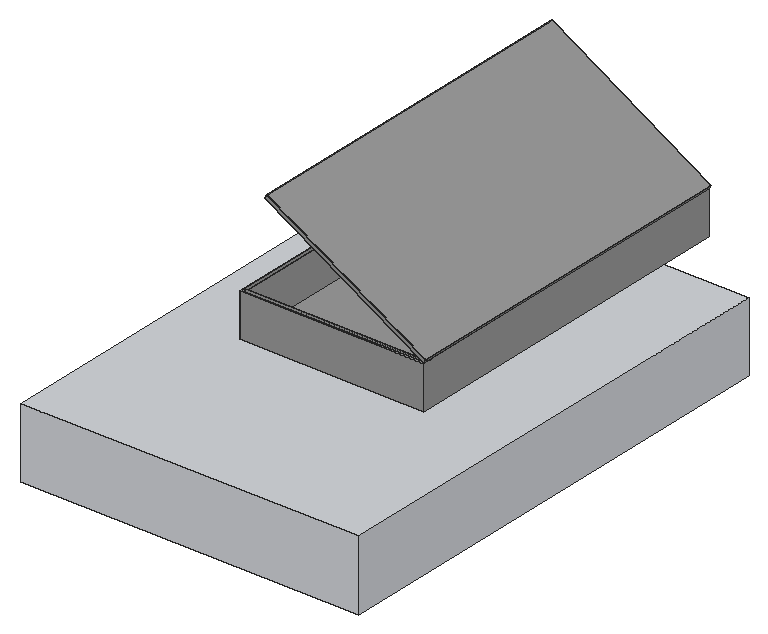
Revit family "Hager-Univers-IP44-D205-H1550-Cl.I-Encl-CH-it", category Equipement électrique, Revit 2020
Family settings
  Hôte = Face
  Configuration du panneau = Deux colonnes, circuits au sein
  Cote de connecteur circulaire = Utiliser le diamètre
  Type d'élément = Tableau de raccordement
  Couper avec des vides une fois chargée = Non
  Partagée = Non
  Point de calcul de pièce = Non
Parameters (values of type "A parete IP44 L800 A1550 P205  - FP03TN2")
  Width Control [instance] = if([EF000008 - Larghezza] > Min Width, [EF000008 - Larghezza], Min Width)  # 800 mm
  Commentaires du type = [HG000003 - Gamma]  # "Univers"
  Thickness Door [instance] = if([EF009171 - spessore materiale porta/coperchio] > 3 mm, 3 mm, [EF009171 - spessore materiale porta/coperchio])  # 1 mm
  Seal Frame Offset [instance] = 17 mm  # constant formula
  Plinth Visibility [instance] = [HG000027 - Altezza dello zoccolo] > 0 mm  # no
  Model = ""
  Min Width [instance] = 100 mm  # constant formula
  Min Height [instance] = 100 mm  # constant formula
  Min Depth [instance] = (2 * [EF009170 - spessore materiale scatola]) + 1 mm  # 3 mm
  Internal Frame Depth [instance] = (Door System Depth * 0.5)  # 9 mm
  Height Control [instance] = if([EF000040 - Altezza] > Min Height, [EF000040 - Altezza], Min Height)  # 1550 mm
  HG000027 - Altezza dello zoccolo = 0 mm
  HG000026 - A pavimento = no
  HG000024 - Altezza della sezione inferiore = 800 mm
  HG000023 - Custodia a doppia sezione = no
  HG000016 - Visibilità delle porte nella vista 3D [instance] = yes
  HG000015 - Visibilità attraverso la porta [instance] = no
  HG000014 - Porta destra [instance] = yes
  HG000013 - Porta sinistra [instance] = not([HG000014 - Porta destra])  # no
  HG000012 - Angolo di apertura della porta [instance] = 30.00°
  HG000010 - Porte asimmetriche = no
  HG000009 - Porta doppia a battente = no
  HG000006 - Ad incasso = no
  HG000004 - Codice produttore = "FP03TN2"
  HG000003 - Gamma = "Univers"
  HG000002 - Con porta = yes
  Frame Offset Bottom [instance] = 10 mm  # constant formula
  Frame Offset [instance] = 15 mm  # constant formula
  EF015940 - Coprire con rilascio di sovrapressione = no
  EF011959 - tipo di protezione (NEMA) = ""
  EF009554 - numero delle aperture per la piastra della flangia = 6
  Fabricant = "Hager"  # constant formula
  EF009212 - esecuzione coperchio = "EV000116 - chiuso"
  EF009171 - spessore materiale porta/coperchio = 1 mm
  EF009170 - spessore materiale scatola = 1 mm
  EF008873 - corrente nominale (In) = 250 A
  EF007800 - adatto per parafulmine = no
  EF006306 - con serratura = no
  EF006244 - coperchio/porta trasparente = no
  EF005474 - grado di protezione (IP) = "EV006418 - IP44"
  EF004464 - tipo di porta = "EV002646 - singolo"
  EF004427 - numero di moduli = 360
  EF004293 - resistenza agli urti = "EV006815 - IK09"
  EF003532 - adatto per uso esterno = no
  EF002950 - Numero moduli DIN = 36
  EF001613 - Integrità del circuito = "EV000494 - senza"
  EF001596 - Attacco Lampada = "EV000179 - acciaio"
  EF001131 - profondità interna = 205 mm
  EF001088 - possibilità di applicazione = yes
  EF000437 - numero di ingressi per conduttori = 6
  EF000339 - tipo di copertura = "EV001012 - coperchio"
  EF000266 - numero di file = 10
  EF000218 - profondità di incasso = 205 mm
  EF000118 - con piastra di montaggio = no
  EF000116 - numero RAL = "9010"
  EF000049 - profondità = 205 mm
  EF000040 - Altezza = 1550 mm
  EF000008 - Larghezza = 800 mm
  EF000007 - colore = "EV000202 - bianco"
  EF000003 - Tipo di montaggio = "EV000384 - A parete"
  Door System Leaf Tolerance [instance] = 1.5 mm  # constant formula
  Door System Depth [instance] = 18 mm  # constant formula
  Door Height [instance] = Height Control - [HG000027 - Altezza dello zoccolo]  # 1550 mm
  Depth Control [instance] = if([EF000049 - profondità] > Min Depth, [EF000049 - profondità], Min Depth)  # 205 mm
  Default Elevation = 0 mm
  Connector Offset [instance] = Height Control / 2  # 775 mm
  Bottom Top Plate Trim [instance] = 1.5 mm  # constant formula
  Plinth height Ctrl [instance] = if([HG000027 - Altezza dello zoccolo] > 0 mm, [HG000027 - Altezza dello zoccolo], 12 mm)  # 12 mm
Types (5, lengths in mm): name | Width Control | HG000010 - Porte asimmetriche | HG000009 - Porta doppia a battente | HG000004 - Codice produttore | EF009554 - numero delle aperture per la piastra della flangia | EF008873 - corrente nominale (In) | EF004464 - tipo di porta | EF004427 - numero di moduli | EF002950 - Numero moduli DIN | EF000437 - numero di ingressi per conduttori | EF000008 - Larghezza
  A parete IP44 L1050 A1550 P205  - FP04TN2 | 1050 | no | yes | "FP04TN2" | 8 | 400 A | "EV003602 - doppio" | 480 | 48 | 8 | 1050
  A parete IP44 L1300 A1550 P205  - FP05TN2 | 1300 | yes | yes | "FP05TN2" | 10 | 400 A | "EV003602 - doppio" | 600 | 60 | 10 | 1300
  A parete IP44 L300 A1550 P205  - FP01TN2 | 300 | no | no | "FP01TN2" | 2 | 250 A | "EV002646 - singolo" | 120 | 12 | 2 | 300
  A parete IP44 L550 A1550 P205  - FP02TN2 | 550 | no | no | "FP02TN2" | 4 | 250 A | "EV002646 - singolo" | 240 | 24 | 4 | 550
  A parete IP44 L800 A1550 P205  - FP03TN2 | 800 | no | no | "FP03TN2" | 6 | 250 A | "EV002646 - singolo" | 360 | 36 | 6 | 800
Reference planes
  plane 1 "Center (Front/Back)": y = 0
  plane 2: z = 0
  plane 3 "Center (Left/Right)": x = 0
  plane 4: z = 205
  plane 5: y = 1
  plane 6: y = 775
  plane 7: y = 0
  plane 8: y = 1550
  plane 9: z = 0
  plane 10: x = -385
  plane 11: x = 385
  plane 12: x = 384
  plane 13: x = -384
  plane 14: y = 1549
  plane 15: x = -383
  plane 16: x = -400
  plane 17: x = 383
  plane 18: x = 400
  plane 19: x = 399
  plane 20: x = -399
  plane 21: y = 11
  plane 22: y = 1550
  plane 23: y = 1534
  plane 24: z = 187
  plane 25: z = 1
  plane 26: z = 186
  plane 27: z = 204
Forms (mm)
  Extrusion 1, solid
    sketch origin (0, 0, 0) x (1, 0, 0) y (0, 1, 0)
      loop
        line (-702.964, 1305) -> (-702.964, -811.445) -> (766.763, -811.445) -> (766.763, 1305) -> (-702.964, 1305)
    from 0 to -304.8
  Extrusion 2, solid, material "Hager_Steel_RAL7035_Light_Grey", visible <- "Plinth Visibility", detail levels medium+fine
    sketch origin (0, 0, 0) x (1, 0, 0) y (0, 1, 0)
      loop
        line (-400, 0) -> (400, 0) -> (400, 12) -> (-400, 12) -> (-400, 0)
    from 0 to 187
  Extrusion 3, solid, material "Hager_Steel_RAL7035_Light_Grey", detail levels medium+fine
    sketch origin (0, 0, 0) x (1, 0, 0) y (0, 1, 0)
      loop
        line (-400, 0) -> (400, 0) -> (400, 1550) -> (-400, 1550) -> (-400, 0)
    from 0 to 187
  Extrusion 4, void
    sketch origin (0, 0, 0) x (1, 0, 0) y (0, 1, 0)
      loop
        line (-399, 1) -> (399, 1) -> (399, 1549) -> (-399, 1549) -> (-399, 1)
    from 1 to 186
  Extrusion 5, void
    sketch origin (-381.607, -4572, 187) x (0, -1, 0) y (-1, 0, 0)
      loop
        line (-4583, 2.393) -> (-6106, 2.393) -> (-6106, -765.607) -> (-4583, -765.607) -> (-4583, 2.393)
    from 0 to 1 <- "EF009170 - spessore materiale scatola"
  Extrusion 6, solid, material "Hager_Steel_RAL7035_Light_Grey", detail levels fine
    sketch origin (0, 0, 187) x (1, 0, 0) y (0, 1, 0)
      loop
        line (-384, 1534) -> (-384, 11) -> (384, 11) -> (384, 1534) -> (-384, 1534)
      loop
        line (-385, 10) -> (385, 10) -> (385, 1535) -> (-385, 1535) -> (-385, 10)
    from 0 to 9 <- "Internal Frame Depth"
  Extrusion 7, solid, material "Hager_Steel_RAL7035_Light_Grey", detail levels coarse
    sketch origin (0, 0, 0) x (1, 0, 0) y (0, 1, 0)
      loop
        line (-400, 0) -> (400, 0) -> (400, 1550) -> (-400, 1550) -> (-400, 0)
    from 0 to 205
  Sweep 8, void
    path in 3D
      loop
        line (-400, 12, 0) -> (400, 12, 0) -> (400, 12, 187) -> (-400, 12, 187) -> (-400, 12, 0)
    profile origin (-400, 12, 93.5) x (-1, 0, 0) y (0, -1, 0)
      loop
        line (0, 0) -> (0, 1.5) -> (-1.5, 1.5)
        arc (-1.5, 1.5) -> (-1.061, 0.439) -> (0, 0) r 1.5
Cuts and joins
  Extrusion 4, Extrusion 5 cuts Extrusion 3
  Sweep 8 cuts Extrusion 2
Lines and regions (mm)
  Masking region 1
    outline origin (0, 0, 0) x (1, 0, 0) y (0, 0, 1)
      loop
        line (-400, 205) -> (-400, 0) -> (400, 0) -> (400, 205) -> (-400, 205)
  Masking region 2, detail levels medium+fine
    outline origin (0, 140, 0) x (0, 1, 0) y (0, 0, 1)
      loop
        line (-140, 0) -> (1410, 0) -> (1410, 187) -> (-140, 187) -> (-140, 0)
  Masking region 3, not visible, detail levels medium+fine
    outline origin (0, 297.922, 0) x (0, 1, 0) y (0, 0, 1)
      loop
        line (488.578, 0) -> (528.578, 0) -> (528.578, 194)
        arc (528.578, 194) -> (525.649, 201.071) -> (518.578, 204) r 10
        line (518.578, 204) -> (488.578, 204) -> (488.578, 0)
  Masking region 4, detail levels coarse
    outline origin (0, 0, 180) x (0, 1, 0) y (0, 0, 1)
      loop
        line (0, -180) -> (1550, -180) -> (1550, 25) -> (0, 25) -> (0, -180)
  Masking region 5, visible <- "Plinth Visibility", detail levels medium+fine
    outline origin (0, 52.24, 12.345) x (0, 0, -1) y (0, 1, 0)
      loop
        line (10.845, -40.24) -> (-173.155, -40.24)
        arc (-173.155, -40.24) -> (-173.594, -41.301) -> (-174.655, -41.74) r 1.5
        line (-174.655, -41.74) -> (-174.655, -52.24) -> (12.345, -52.24) -> (12.345, -41.74)
        arc (12.345, -41.74) -> (11.285, -41.301) -> (10.845, -40.24) r 1.5
  Masking region 6, detail levels medium+fine
    outline origin (-381.607, -4572, 187) x (-1, 0, 0) y (0, -1, 0)
      loop
        line (18.393, -6122) -> (18.393, -4572) -> (-781.607, -4572) -> (-781.607, -6122) -> (18.393, -6122)
  Masking region 7, visible <- "Plinth Visibility", detail levels medium+fine
    outline origin (-381.607, -4727, 187) x (-1, 0, 0) y (0, -1, 0)
      loop
        arc (16.893, -4739) -> (17.332, -4737.939) -> (18.393, -4737.5) r 1.5
        line (18.393, -4737.5) -> (18.393, -4727) -> (-781.607, -4727) -> (-781.607, -4737.5)
        arc (-781.607, -4737.5) -> (-780.546, -4737.939) -> (-780.107, -4739) r 1.5
        line (-780.107, -4739) -> (16.893, -4739)
  Masking region 8, detail levels coarse
    outline origin (-442.548, -4669.526, 187) x (-1, 0, 0) y (0, -1, 0)
      loop
        line (-42.548, -6219.526) -> (-42.548, -4669.526) -> (-842.548, -4669.526) -> (-842.548, -6219.526) -> (-42.548, -6219.526)
  sketch lines
    curve 1: line (-400, 12, 187) -> (-400, 12, 0)
    curve 2: line (400, 12, 187) -> (-400, 12, 187)
    curve 3: line (400, 12, 187) -> (400, 12, 0)
    curve 4: line (-400, 12, 0) -> (400, 12, 0)
Dimensions and locks
  "Depth Control": plane 4 to Extrusion 1
  "HG000027 - Altezza dello zoccolo": plane 1 "Center (Front/Back)" to plane 7
  "EF009170 - spessore materiale scatola": plane 5 to plane 7
  locked: connector elem to plane 3 "Center (Left/Right)"
  equal spacing: plane 8, plane 6, plane 7
  locked: connector elem to plane 6
  "EF009170 - spessore materiale scatola": plane 8 to plane 14
  "EF009170 - spessore materiale scatola": plane 10 to plane 13
  "EF009170 - spessore materiale scatola": plane 12 to plane 11
  "Frame Offset": plane 20 to plane 13
  "Frame Offset": plane 12 to plane 19
  "EF009170 - spessore materiale scatola": plane 16 to plane 20
  "EF009170 - spessore materiale scatola": plane 19 to plane 18
  "Seal Frame Offset": plane 16 to plane 15
  "Seal Frame Offset": plane 17 to plane 18
  "Frame Offset Bottom": plane 21 to plane 5
  "Frame Offset": plane 14 to plane 23
  equal spacing: plane 16, plane 3 "Center (Left/Right)", plane 18
  "Width Control": plane 16 to plane 18
  "EF009170 - spessore materiale scatola": plane 4 to plane 27
  "EF009170 - spessore materiale scatola": plane 24 to plane 26
  "EF009170 - spessore materiale scatola": plane 25 to level
  "Door System Depth": plane 4 to plane 24
  "Height Control": plane 1 "Center (Front/Back)" to Extrusion 7 sketch curve
  "Height Control": Masking region 4 sketch curve to plane 1 "Center (Front/Back)"
  "Height Control": plane 1 "Center (Front/Back)" to plane 22
  "Bottom Top Plate Trim": profile plane to Sweep 8 sketch curve
  "Bottom Top Plate Trim": Sweep 8 sketch curve to profile plane
  "Plinth height Ctrl": plane 1 "Center (Front/Back)" to Extrusion 2 sketch curve
  "Plinth height Ctrl": Masking region 5 sketch curve to plane 1 "Center (Front/Back)"
  "Plinth height Ctrl": plane 1 "Center (Front/Back)" to Masking region 7 sketch curve
  "Thickness Door": Extrusion 6 sketch curve to Extrusion 6 sketch curve  (x3)
  "Thickness Door": cut or joined group of Extrusion 3, Extrusion 4, Extrusion 5 to Extrusion 6 sketch curve
  radius of Masking region 3 sketch curve = 10 mm
  "Bottom Top Plate Trim": radius of Masking region 5 sketch curve  (x2)
  "Bottom Top Plate Trim": radius of Sweep 8 sketch curve
  "Bottom Top Plate Trim": radius of Masking region 7 sketch curve  (x2)
  aligned and locked: plane 2 to Extrusion 1
  aligned and locked: level to Extrusion 1
  aligned and locked: level to Masking region 1 sketch curve
  aligned and locked: Masking region 1 sketch curve to plane 18
  aligned and locked: Masking region 1 sketch curve to plane 16
  aligned and locked: plane 7 to Masking region 2 sketch curve
  aligned and locked: level to Masking region 3 sketch curve
  aligned and locked: Masking region 3 sketch curve to plane 27
  aligned and locked: level to Masking region 2 sketch curve
  aligned and locked: plane 1 "Center (Front/Back)" to Extrusion 2 sketch curve
  aligned and locked: Extrusion 3 sketch curve to plane 7
  aligned and locked: plane 16 to Extrusion 3 sketch curve
  aligned and locked: plane 18 to Extrusion 3 sketch curve
  aligned and locked: plane 20 to Extrusion 4 sketch curve
  aligned and locked: plane 19 to Extrusion 4 sketch curve
  aligned and locked: Extrusion 4 sketch curve to plane 5
  aligned and locked: Extrusion 4 to plane 25
  aligned and locked: plane 26 to Extrusion 4
  aligned and locked: plane 24 to Extrusion 3
  aligned and locked: Extrusion 5 sketch curve to plane 21
  aligned and locked: Extrusion 5 sketch curve to plane 13
  aligned and locked: Extrusion 5 sketch curve to plane 12
  aligned and locked: plane 18 to Extrusion 7 sketch curve
  aligned and locked: plane 1 "Center (Front/Back)" to Extrusion 7 sketch curve
  aligned and locked: plane 16 to Extrusion 7 sketch curve
  aligned and locked: plane 4 to Extrusion 7
  aligned and locked: Extrusion 7 to level
  aligned and locked: level to Masking region 4 sketch curve
  aligned and locked: Masking region 4 sketch curve to plane 1 "Center (Front/Back)"
  aligned and locked: Masking region 4 sketch curve to plane 4
  aligned and locked: nested 1 to level
  aligned and locked: nested 1 to plane 16
  aligned and locked: plane 8 to Extrusion 3 sketch curve
  aligned and locked: plane 23 to Extrusion 5 sketch curve
  aligned and locked: plane 14 to Extrusion 4 sketch curve
  aligned and locked: Masking region 2 sketch curve to plane 8
  aligned and locked: level to Masking region 5 sketch curve
  aligned and locked: plane 16 to Extrusion 2 sketch curve
  aligned and locked: plane 18 to Extrusion 2 sketch curve
  aligned and locked: Masking region 5 sketch curve to plane 24
  aligned and locked: Masking region 2 sketch curve to plane 24
  aligned and locked: plane 24 to Extrusion 2
  aligned and locked: profile plane to Sweep 8 sketch curve  (x2)
  aligned and locked: Masking region 6 sketch curve to plane 18
  aligned and locked: Masking region 6 sketch curve to plane 22
  aligned and locked: Masking region 6 sketch curve to plane 16
  aligned and locked: plane 8 to plane 22
  aligned and locked: Masking region 6 sketch curve to plane 7
  aligned and locked: Masking region 7 sketch curve to plane 16
  aligned and locked: Masking region 7 sketch curve to plane 1 "Center (Front/Back)"
  aligned and locked: Masking region 7 sketch curve to plane 18
  aligned and locked: Masking region 8 sketch curve to plane 1 "Center (Front/Back)"
  aligned and locked: Masking region 8 sketch curve to plane 18
  aligned and locked: Masking region 8 sketch curve to plane 22
  aligned and locked: Masking region 8 sketch curve to plane 16
  aligned and locked: nested 2 to plane 7
  aligned and locked: plane 3 "Center (Left/Right)" to nested 2
  aligned and locked: nested 2 to plane 24
  aligned and locked: Extrusion 6 sketch curve to cut or joined group of Extrusion 3, Extrusion 4, Extrusion 5  (x4)
Automatic sketch dimensions
  Extrusion 1 sketch curve to Extrusion 1 sketch curve = 1469.727 mm
  Extrusion 1 sketch curve to Extrusion 1 sketch curve = 2116.445 mm
  Masking region 1 sketch curve to plane 4 = 0 mm
  plane 6 to Masking region 3 sketch curve = 11.5 mm
  Masking region 3 sketch curve to Masking region 3 sketch curve = 30 mm
  Masking region 5 sketch curve to plane 1 "Center (Front/Back)" = 0 mm
Nested families
  nested 1: "Hager_Enclosure_Symbol" at (-400, 0, 0) x (1, 0, 0) z (0, -1, 0), Height <- "Depth Control", Width <- "Width Control", type "Hager_Enclosure_Symbol"
    with Width_Ctrl 800 mm, Width 800 mm, Height_Ctrl 205 mm, Height 205 mm, A_Width_Int 13.453 mm, A_Width 161.438 mm, A_Height_Ctrl 179.375 mm, A_Height 179.375 mm
  nested 2: "EC000058_Univers_Door" at (0, 0, 187) x (1, 0, 0) z (0, 1, 0), Leaf_Tolerance <- "Door System Leaf Tolerance", Angle <- "HG000012 - Angolo di apertura della porta", Door_Depth <- "Door System Depth", Door_Left <- "HG000013 - Porta sinistra", Transparent <- "EF006244 - coperchio/porta trasparente", Assymetrical <- "HG000010 - Porte asimmetriche", Width <- "Width Control", Clearance <- "HG000015 - Visibilità attraverso la porta", Double <- "HG000009 - Porta doppia a battente", 3d_Door <- "HG000016 - Visibilità delle porte nella vista 3D", Lock_Visibility <- "EF006306 - con serratura", Width_Ctrl <- "Width Control", Door_Right <- "HG000014 - Porta destra", Door <- "HG000002 - Con porta", Height <- "Door Height", Thickness <- "Thickness Door", type "EC000058_Univers_Door", detail levels medium+fine
    with min_wh 3 mm, Width_Ctrl 800 mm, Width 800 mm, Transparent no, Thickness 1 mm, Seal_Material Hager_Rubber, Lock_Visibility no, Lock_Material Hager_Plastic_RAL9005_Jet_Black, Leaf_Width 800 mm, Leaf_Tolerance_External_Sides 0 mm, Leaf_Tolerance 1.5 mm, Leaf_Offset 0 mm, Leaf_Height 1547 mm, Leaf_2_Width 800 mm, Leaf_2_Offset 400 mm, Leaf_1_Width 800 mm, Leaf_1_Offset 400 mm, Height_Ctrl 1550 mm, Height 1550 mm, Glass_Material Hager_Glass, Double_Clearance_Ctrl no, Double no, Door_Right_Ctrl yes, Door_Right yes, Door_Material Hager_Steel_RAL7035_Light_Grey, Door_Left_Ctrl no, Door_Left no, Door_Depth 18 mm, Door yes, Clearance_Material Hager_Clearance, Clearance_Depth 800 mm, Clearance_Ctrl no, Clearance no, Assymetrical no, Angle 30.00°, 3d_Door yes
Connectors
  electrical at (0, 775, 0)
    settings: on plane 9, index 1, voltage 0 V, apparent load 0 VA, apparent load phase1 0 VA, apparent load phase2 0 VA, apparent load phase3 0 VA, power factor 1, load classification "Other", number of poles 1, system type 30, power factor state 1, is connector primary yes, connector utility no, sub classification motor no, connector description ""
Definition of nested family "EC000058_Univers_Door"
  Parameters (values of type "EC000058_Univers_Door")
    min_wh [instance] = (2 * Thickness) + 1 mm  # 11 mm
    Width_Ctrl [instance] = 400 mm
    Width [instance] = 500 mm
    Transparent [instance] = yes
    Thickness [instance] = 5 mm
    Seal_Material [instance] = none
    Lock_Visibility [instance] = yes
    Lock_Material [instance] = none
    Leaf_Width [instance] = if((Width_Ctrl - 2 * Leaf_Tolerance_External_Sides) > 0 mm, (Width_Ctrl - 2 * Leaf_Tolerance_External_Sides), min_wh)  # 400 mm
    Leaf_Tolerance_External_Sides [instance] = 0 mm  # constant formula
    Leaf_Tolerance [instance] = 1.5 mm
    Leaf_Offset [instance] = 0 mm  # constant formula
    Leaf_Height [instance] = if((Height_Ctrl - 2 * Leaf_Tolerance) > 0 mm, (Height_Ctrl - 2 * Leaf_Tolerance), min_wh)  # 497 mm
    Leaf_2_Width [instance] = if(and(and(Double, Assymetrical), Door_Left), (Leaf_Width / 3) - (Leaf_Tolerance / 2), if(and(and(Double, Assymetrical), Door_Right), (Leaf_Width / 3) * 2 - (Leaf_Tolerance / 2), if(and(Double, not(Assymetrical)), (Leaf_Width / 2) - Leaf_Tolerance, Leaf_Width)))  # 400 mm
    Leaf_2_Offset [instance] = if(and(Double, Assymetrical), Leaf_2_Width / 2, if(and(Double, not(Assymetrical)), Leaf_Width / 4, Leaf_Width / 2))  # 200 mm
    Leaf_1_Width [instance] = if(and(and(Double, Assymetrical), Door_Right), (Leaf_Width / 3) - (Leaf_Tolerance / 2), if(and(and(Double, Assymetrical), Door_Left), (Width / 3) * 2 - (Leaf_Tolerance / 2), if(and(Double, not(Assymetrical)), (Leaf_Width / 2) - Leaf_Tolerance, Leaf_Width)))  # 400 mm
    Leaf_1_Offset [instance] = if(and(Double, Assymetrical), Leaf_1_Width / 2, if(and(Double, not(Assymetrical)), Leaf_Width / 4, Leaf_Width / 2))  # 200 mm
    Height_Ctrl [instance] = if(Height > min_wh, Height, min_wh)  # 500 mm
    Height [instance] = 500 mm
    Glass_Material [instance] = none
    Double_Clearance_Ctrl [instance] = and(Double, Clearance)  # no
    Double [instance] = no
    Door_Right_Ctrl [instance] = and(or(Door_Right, Double), Door)  # yes
    Door_Right [instance] = yes
    Door_Material [instance] = none
    Door_Left_Ctrl [instance] = and(or(Door_Left, Double), Door)  # no
    Door_Left [instance] = no
    Door_Depth [instance] = 30 mm
    Door [instance] = yes
    Default Elevation = 1219.2 mm
    Clearance_Material [instance] = none
    Clearance_Depth [instance] = if(Leaf_1_Width > Leaf_2_Width, Leaf_1_Width, Leaf_2_Width)  # 400 mm
    Clearance_Ctrl [instance] = and(not(Double), Clearance)  # yes
    Clearance [instance] = yes
    Assymetrical [instance] = yes
    Angle [instance] = 30.00°
    3d_Door [instance] = yes
  Reference planes
    plane 1 "Center (Front/Back)": y = 0
    plane 2 "Bottom": z = 0
    plane 3 "Center (Left/Right)": x = 0
    plane 4: z = 500
    plane 5: x = -200
    plane 6: x = 200
    plane 7: z = 500
    plane 8: x = -200
    plane 9: z = 0
    plane 10: x = 200
    plane 11: y = 0
    plane 12: z = 1.5
    plane 13: x = -600
    plane 14: y = -400
    plane 15: x = 600
    plane 16: x = 0
    plane 17: x = 0
    plane 18: x = -200
    plane 19: x = 200
    plane 20: z = 498.5
  Forms (mm)
    Extrusion 1, solid, material <- "Clearance_Material", visible <- "Double_Clearance_Ctrl"
      sketch origin (1200, 0, 0) x (1, 0, 0) y (0, 0, -1)
        loop
          line (-1800, -498.5) -> (-600, -498.5) -> (-600, 0) -> (-1800, 0) -> (-1800, -498.5)
      from 0 to -400
  Dimensions and locks
    equal spacing: plane 5, plane 3 "Center (Left/Right)", plane 6
    "Width_Ctrl": plane 5 to plane 6
    "Leaf_Offset": plane 5 to plane 8
    "Leaf_Offset": plane 6 to plane 10
    "Leaf_Offset": plane 9 to level
    "Leaf_Offset": plane 4 to plane 7
    "Height_Ctrl": plane 4 to level
    "Leaf_Tolerance": plane 12 to plane 9
    locked: plane 11 to plane 1 "Center (Front/Back)"
    "Leaf_1_Offset": plane 18 to plane 16
    "Leaf_2_Offset": plane 17 to plane 19
    "Leaf_1_Width": plane 13 to plane 8
    "Leaf_2_Width": plane 10 to plane 15
    "Clearance_Depth": plane 14 to plane 1 "Center (Front/Back)"
    "Leaf_Tolerance_External_Sides": plane 8 to plane 18
    "Leaf_Tolerance_External_Sides": plane 19 to plane 10
    "Leaf_Tolerance": plane 7 to plane 20
    aligned and locked: level to plane 2 "Bottom"
    aligned and locked: nested 1 to plane 16
    aligned and locked: nested 2 to plane 17
    aligned and locked: Extrusion 1 to plane 13
    aligned and locked: plane 15 to Extrusion 1
    aligned and locked: Extrusion 1 to plane 14
    aligned and locked: plane 12 to nested 1
    aligned and locked: nested 2 to plane 12
    aligned and locked: Extrusion 1 to plane 11
    aligned and locked: plane 20 to Extrusion 1
    aligned and locked: nested 2 to plane 11
    aligned and locked: nested 1 to plane 11
  Automatic sketch dimensions
    Extrusion 1 sketch curve to level = 0 mm
    plane 5 to Extrusion 1 sketch curve = 400 mm
    plane 6 to Extrusion 1 sketch curve = 400 mm
    Extrusion 1 sketch curve to plane 4 = 1.5 mm
  Nested families
    nested 1: "EC000058_Univers_Door_Leaf" at (0, 0, 1.5), Width <- "Leaf_1_Width", visible <- "Door_Left_Ctrl", Leaf_Height <- "Leaf_Height", Angle <- "Angle", 3d_Door <- "3d_Door", Transparent <- "Transparent", Clearance Material <- "Clearance_Material", Clearance <- "Clearance_Ctrl", Door_Material <- "Door_Material", Glass_Material <- "Glass_Material", Door_Depth <- "Door_Depth", Lock_Material <- "Lock_Material", Seal_Material <- "Seal_Material", Lock_Visibility <- "Lock_Visibility", Thickness <- "Thickness", type "EC000058_Univers_Door_Leaf"
      with Width 400 mm, Transparent_Glass_Offset 30 mm, Transparent_Ctrl yes, Transparent yes, Thickness 5 mm, Standard no, Seal_Material none, Seal_D2 8 mm, Seal_D1 1 mm, Offset_Internal_Frame 10 mm, Lock_Width 20 mm, Lock_Visibility_3d yes, Lock_Visibility yes, Lock_Thickness_3 3 mm, Lock_Thickness_2 1 mm, Lock_Thickness_1 3 mm, Lock_Radius_Offset_2 16 mm, Lock_Radius_Offset_1 15 mm, Lock_Radius_2 5 mm, Lock_Radius 6 mm, Lock_Offset 5 mm, Lock_Material none, Lock_Height 80 mm, Lock_Cover_Top_Offset_2d 17 mm, Lock_Cover_Height -65 mm, Leaf_Height 497 mm, Internal_Seal_Thickness 8 mm, Internal_Seal_Depth_2 4.5 mm, Internal_Frame_Depth 25 mm, Glass_Thickness -1 mm, Glass_Offset -2 mm, Glass_Material none, Door_Material none, Door_Depth 30 mm, Clearance Material none, Clearance yes, Angle_Ctrl 30.00°, Angle 30.00°, 3d_Door yes
    nested 2: "EC000058_Univers_Door_Leaf" at (0, 0, 1.5) x (-1, 0, 0) z (0, 0, 1), Width <- "Leaf_2_Width", visible <- "Door_Right_Ctrl", Leaf_Height <- "Leaf_Height", Angle <- "Angle", 3d_Door <- "3d_Door", Transparent <- "Transparent", Clearance Material <- "Clearance_Material", Clearance <- "Clearance_Ctrl", Door_Material <- "Door_Material", Glass_Material <- "Glass_Material", Door_Depth <- "Door_Depth", Lock_Material <- "Lock_Material", Seal_Material <- "Seal_Material", Lock_Visibility <- "Lock_Visibility", Thickness <- "Thickness", type "EC000058_Univers_Door_Leaf"
      with Width 400 mm, Transparent_Glass_Offset 30 mm, Transparent_Ctrl yes, Transparent yes, Thickness 5 mm, Standard no, Seal_Material none, Seal_D2 8 mm, Seal_D1 1 mm, Offset_Internal_Frame 10 mm, Lock_Width 20 mm, Lock_Visibility_3d yes, Lock_Visibility yes, Lock_Thickness_3 3 mm, Lock_Thickness_2 1 mm, Lock_Thickness_1 3 mm, Lock_Radius_Offset_2 16 mm, Lock_Radius_Offset_1 15 mm, Lock_Radius_2 5 mm, Lock_Radius 6 mm, Lock_Offset 5 mm, Lock_Material none, Lock_Height 80 mm, Lock_Cover_Top_Offset_2d 17 mm, Lock_Cover_Height -65 mm, Leaf_Height 497 mm, Internal_Seal_Thickness 8 mm, Internal_Seal_Depth_2 4.5 mm, Internal_Frame_Depth 25 mm, Glass_Thickness -1 mm, Glass_Offset -2 mm, Glass_Material none, Door_Material none, Door_Depth 30 mm, Clearance Material none, Clearance yes, Angle_Ctrl 30.00°, Angle 30.00°, 3d_Door yes
  Definition of nested family "EC000058_Univers_Door_Leaf"
    Parameters (values of type "EC000058_Univers_Door_Leaf")
      Width [instance] = 2000 mm
      Transparent_Glass_Offset [instance] = 30 mm
      Transparent_Ctrl [instance] = and(Transparent, [3d_Door])  # yes
      Transparent [instance] = yes
      Thickness [instance] = 5 mm
      Standard [instance] = and(not(Transparent), [3d_Door])  # no
      Seal_Material [instance] = none
      Seal_D2 [instance] = 8 mm  # constant formula
      Seal_D1 [instance] = 1 mm  # constant formula
      Offset_Internal_Frame [instance] = 10 mm  # constant formula
      Lock_Width [instance] = 20 mm  # constant formula
      Lock_Visibility_3d [instance] = and(Lock_Visibility, [3d_Door])  # yes
      Lock_Visibility [instance] = yes
      Lock_Thickness_3 [instance] = 3 mm  # constant formula
      Lock_Thickness_2 [instance] = 1 mm  # constant formula
      Lock_Thickness_1 [instance] = 3 mm  # constant formula
      Lock_Radius_Offset_2 [instance] = Lock_Radius_Offset_1 + 1 mm  # 16 mm
      Lock_Radius_Offset_1 [instance] = 15 mm  # constant formula
      Lock_Radius_2 [instance] = Lock_Radius - 1 mm  # 5 mm
      Lock_Radius [instance] = 6 mm  # constant formula
      Lock_Offset [instance] = 5 mm  # constant formula
      Lock_Material [instance] = none
      Lock_Height [instance] = 80 mm  # constant formula
      Lock_Cover_Top_Offset_2d [instance] = Lock_Radius_Offset_2 + 1 mm  # 17 mm
      Lock_Cover_Height [instance] = -(Lock_Height - Lock_Radius_Offset_1)  # -65 mm
      Leaf_Height [instance] = 2720.336 mm
      Internal_Seal_Thickness [instance] = 8 mm  # constant formula
      Internal_Seal_Depth_2 [instance] = 4.5 mm  # constant formula
      Internal_Frame_Depth [instance] = if(Door_Depth - Thickness > 5 mm, Door_Depth - Thickness, 5 mm)  # 25 mm
      Glass_Thickness [instance] = if(Thickness > 15 mm, Glass_Offset + 10 mm, -1 mm)  # -1 mm
      Glass_Offset [instance] = if(Thickness > 15 mm, -(Thickness + 10 mm) / 2, -2 mm)  # -2 mm
      Glass_Material [instance] = none
      Door_Material [instance] = none
      Door_Depth [instance] = 30 mm
      Default Elevation = 0 mm
      Clearance Material [instance] = none
      Clearance [instance] = yes
      Angle_Ctrl [instance] = if(Angle > 180.00°, 180.00°, Angle)  # 90.00°
      Angle [instance] = 90.00°
      3d_Door [instance] = yes
    Reference planes
      plane 1 "Center (Front/Back)": y = 0
      plane 2: z = 0
      plane 3 "Center (Left/Right)": x = 0
      plane 4: y = 2000
      plane 5: x = -1000
      plane 6: x = 1000
      plane 7: x = -3000
      plane 8: z = 2720.336
      plane 9: z = 30
      plane 10: z = 2690.336
      plane 11: x = 970
      plane 12: x = -970
      plane 13: y = -3
      plane 14: z = 107.833
      plane 15: y = -5
      plane 16: y = -223.314
      plane 17: x = -1000
      plane 18: z = 1360.168
      plane 19: y = 30
    Forms (mm)
      Extrusion 1, solid, material <- "Clearance Material", visible <- "Clearance"
        sketch origin (0, 0, 0) x (1, 0, 0) y (0, 0, 1)
          loop
            line (-3000, 2720.336) -> (-3000, 0) -> (1000, 0) -> (1000, 2720.336) -> (-3000, 2720.336)
        from 0 to -2000
      Extrusion 2, solid, material <- "Door_Material", visible <- "Standard", detail levels medium+fine
        sketch origin (-1000, 0, 0) x (0, 1, 0) y (-1, 0, 0)
          loop
            line (0, 30) -> (0, 25) -> (2000, 25) -> (2000, 30) -> (0, 30)
        from 0 to 2720.336 <- "Leaf_Height"
      Extrusion 3, solid, material <- "Door_Material", visible <- "Transparent_Ctrl", detail levels medium+fine
        sketch origin (-1000, 0, 0) x (0, 1, 0) y (-1, 0, 0)
          loop
            line (0, 25) -> (2000, 25) -> (2000, 30) -> (0, 30) -> (0, 25)
        from 0 to 2720.336 <- "Leaf_Height"
      Extrusion 4, void
        sketch origin (-1025, 2000, 0) x (0, 1, 0) y (0, 0, -1)
          loop
            line (-30, -2690.336) -> (-30, -30) -> (-1970, -30) -> (-1970, -2690.336) -> (-30, -2690.336)
        from 0 to 5 <- "Thickness"
      Sweep 5, solid, material <- "Seal_Material", visible <- "Transparent_Ctrl", detail levels fine
        path in 3D
          loop
            line (-1025, 30, 30) -> (-1025, 30, 2690.336) -> (-1025, 1970, 2690.336) -> (-1025, 1970, 30) -> (-1025, 30, 30)
        profile origin (-1025, 1000, 30) x (1, 0, 0) y (0, 0, 1)
          loop
            line (0, 0) -> (0, -8) -> (1, -8) -> (1, 0) -> (0, 0)
      Extrusion 6, solid, material <- "Glass_Material", visible <- "Transparent_Ctrl", detail levels medium+fine
        sketch origin (-1030, 0, 0) x (0, 1, 0) y (0, 0, -1)
          loop
            line (1970, -2690.336) -> (1970, -30) -> (30, -30) -> (30, -2690.336) -> (1970, -2690.336)
        from -2 <- "Glass_Offset" to -1 <- "Glass_Thickness"
      Extrusion 7, solid, material <- "Door_Material", visible <- "3d_Door", detail levels medium+fine
        sketch origin (-1025, 2000, 0) x (0, -1, 0) y (0, 0, -1)
          loop
            line (0, -2720.336) -> (2000, -2720.336) -> (2000, 0) -> (0, 0) -> (0, -2720.336)
          loop
            line (1995, -5) -> (5, -5) -> (5, -2715.336) -> (1995, -2715.336) -> (1995, -5)
        from 0 to 25 <- "Internal_Frame_Depth"
      Sweep 8, solid, material <- "Seal_Material", visible <- "Transparent_Ctrl", detail levels fine
        path in 3D
          loop
            line (-1025, 0, 0) -> (-1025, 2000, 0) -> (-1025, 2000, 2720.336) -> (-1025, 0, 2720.336) -> (-1025, 0, 0)
        profile origin (-1025, 0, 1360.168) x (1, 0, 0) y (0, 1, 0)
          loop
            line (0, 10) -> (2.975, 10)
            arc (2.975, 10) -> (4.053, 10.447) -> (4.5, 11.525) r 1.525
            line (4.5, 11.525) -> (4.5, 16.527)
            arc (4.5, 16.527) -> (4.069, 17.569) -> (3.027, 18) r 1.473
            line (3.027, 18) -> (0, 18) -> (0, 10)
      Extrusion 9, solid, material <- "Lock_Material", visible <- "Lock_Visibility_3d", detail levels fine
        sketch origin (-1030, 0, 0) x (0, 1, 0) y (0, 0, -1)
          loop
            arc (1993.5, -1400.168) -> (1994.561, -1399.729) -> (1995, -1398.668) r 1.5
            line (1995, -1398.668) -> (1995, -1320.168) -> (1975, -1320.168) -> (1975, -1398.668)
            arc (1975, -1398.668) -> (1975.439, -1399.729) -> (1976.5, -1400.168) r 1.5
            line (1976.5, -1400.168) -> (1993.5, -1400.168)
        from 3 <- "Lock_Thickness_1" to 0
      Blend 10, solid, material <- "Lock_Material", visible <- "Lock_Visibility_3d", detail levels fine
        base sketch origin (-1033, 0, 0) x (0, 1, 0) y (0, 0, -1)
          loop
            line (1975, -1320.168) -> (1975, -1398.668)
            arc (1975, -1398.668) -> (1975.439, -1399.729) -> (1976.5, -1400.168) r 1.5
            line (1976.5, -1400.168) -> (1993.5, -1400.168)
            arc (1993.5, -1400.168) -> (1994.561, -1399.729) -> (1995, -1398.668) r 1.5
            line (1995, -1398.668) -> (1995, -1320.168) -> (1975, -1320.168)
        top sketch origin (-1033, 0, 0) x (0, 1, 0) y (0, 0, -1)
          loop
            line (1976, -1320.168) -> (1976, -1398.668)
            arc (1976, -1398.668) -> (1976.146, -1399.022) -> (1976.5, -1399.168) r 0.5
            line (1976.5, -1399.168) -> (1993.5, -1399.168)
            arc (1993.5, -1399.168) -> (1993.854, -1399.022) -> (1994, -1398.668) r 0.5
            line (1994, -1398.668) -> (1994, -1320.168) -> (1976, -1320.168)
        from 0 to 1 <- "Lock_Thickness_2"
      Blend 11, solid, material <- "Lock_Material", visible <- "Lock_Visibility_3d", detail levels fine
        base sketch origin (-1034, 0, 0) x (0, 1, 0) y (0, 0, -1)
          loop
            line (1978, -1320.168) -> (1978, -1384.168)
            arc (1978, -1384.168) -> (1985, -1391.168) -> (1992, -1384.168) r 7
            line (1992, -1384.168) -> (1992, -1320.168) -> (1978, -1320.168)
        top sketch origin (-1034, 0, 0) x (0, 1, 0) y (0, 0, -1)
          loop
            line (1991, -1320.168) -> (1979, -1320.168) -> (1979, -1383.168)
            arc (1979, -1383.168) -> (1985, -1389.168) -> (1991, -1383.168) r 6
            line (1991, -1383.168) -> (1991, -1320.168)
        from 0 to 3 <- "Lock_Thickness_3"
      Extrusion 12, solid, material <- "Lock_Material", visible <- "Lock_Visibility_3d", detail levels fine
        sketch origin (-1030, 1975, 1320.168) x (1, 0, 0) y (0, -1, 0)
          loop
            line (-7, -19) -> (-7, -1) -> (0, -1) -> (0, 0) -> (-8, 0) -> (-8, -20) -> (0, -20) -> (0, -19) -> (-7, -19)
        from 0 to -65 <- "Lock_Cover_Height"
      Extrusion 13, void
        sketch origin (-1038, 1995, 1320.168) x (-1, 0, 0) y (0, 0, -1)
          loop
            line (-5, -65) -> (0, -65) -> (-5, -60) -> (-5, -65)
        from 0 to 20 <- "Lock_Width"
      Extrusion 14, void
        sketch origin (-1038, 1975, 1320.168) x (0, -1, 0) y (0, 0, -1)
          loop
            circle (-10, -15.995) r 6
          loop
            circle (-10, -15.995) r 5
        from 0 to 2
      Extrusion 15, solid, material <- "Lock_Material", visible <- "Lock_Visibility_3d", detail levels medium
        sketch origin (-1030, 0, 0) x (0, 1, 0) y (0, 0, -1)
          loop
            arc (1993.5, -1400.168) -> (1994.561, -1399.729) -> (1995, -1398.668) r 1.5
            line (1995, -1398.668) -> (1995, -1320.168) -> (1975, -1320.168) -> (1975, -1398.668)
            arc (1975, -1398.668) -> (1975.439, -1399.729) -> (1976.5, -1400.168) r 1.5
            line (1976.5, -1400.168) -> (1993.5, -1400.168)
        from 8 to 0
    Cuts and joins
      Extrusion 4 cuts Extrusion 3
      Extrusion 13, Extrusion 14 cuts Extrusion 9
      Extrusion 14 cuts Blend 11
      Extrusion 13, Extrusion 14 cuts Extrusion 12
      joined: Extrusion 9, Blend 10, Blend 11, Extrusion 12
      Extrusion 14 cuts Extrusion 15
    Lines and regions (mm)
      Masking region 1, visible <- "Lock_Visibility", detail levels fine
        outline origin (0, 0, 0) x (0, 1, 0) y (0, 0, 1)
          loop
            line (30, 1320.168) -> (33, 1320.168) -> (33, 1400.168) -> (30, 1400.168) -> (30, 1320.168)
      Masking region 2, visible <- "Lock_Visibility", detail levels fine
        outline origin (0, 3.143, 0) x (0, 1, 0) y (0, 0, 1)
          loop
            line (29.857, 1354.168) -> (30.857, 1354.168) -> (30.857, 1366.168) -> (29.857, 1366.168) -> (29.857, 1354.168)
      Masking region 3, detail levels medium+fine
        outline origin (0, 0, 0) x (0, 1, 0) y (0, 0, 1)
          loop
            line (0, 0) -> (30, 0) -> (30, 2720.336) -> (0, 2720.336) -> (0, 0)
      Masking region 4, detail levels medium+fine
        outline origin (0, 0, 0) x (1, 0, 0) y (0, 0, 1)
          loop
            line (-1000, 2720.336) -> (-1000, 0) -> (1000, 0) -> (1000, 2720.336) -> (-1000, 2720.336)
      Masking region 5, visible <- "Lock_Visibility", detail levels fine
        outline origin (-47.116, 0, 0) x (1, 0, 0) y (0, 0, 1)
          loop
            arc (1024.616, 1399.168) -> (1023.556, 1398.729) -> (1023.116, 1397.668) r 1.5
            line (1023.116, 1397.668) -> (1023.116, 1320.168) -> (1041.116, 1320.168) -> (1041.116, 1397.668)
            arc (1041.116, 1397.668) -> (1040.677, 1398.729) -> (1039.616, 1399.168) r 1.5
            line (1039.616, 1399.168) -> (1024.616, 1399.168)
      Masking region 6, visible <- "Lock_Visibility", detail levels medium+fine
        outline origin (-25, 0, 0) x (1, 0, 0) y (0, 0, 1)
          loop
            arc (1001.5, 1400.168) -> (1000.439, 1399.729) -> (1000, 1398.668) r 1.5
            line (1000, 1398.668) -> (1000, 1320.168) -> (1020, 1320.168) -> (1020, 1398.668)
            arc (1020, 1398.668) -> (1019.561, 1399.729) -> (1018.5, 1400.168) r 1.5
            line (1018.5, 1400.168) -> (1001.5, 1400.168)
      Masking region 7, visible <- "Lock_Visibility", detail levels fine
        outline origin (-73.735, 0, 0) x (1, 0, 0) y (0, 0, 1)
          loop
            line (1051.735, 1382.168) -> (1065.735, 1382.168) -> (1065.735, 1384.168)
            arc (1065.735, 1384.168) -> (1058.735, 1391.168) -> (1051.735, 1384.168) r 7
            line (1051.735, 1384.168) -> (1051.735, 1382.168)
      Masking region 8, visible <- "Lock_Visibility", detail levels fine
        outline origin (-73.735, 0, 0) x (1, 0, 0) y (0, 0, 1)
          loop
            line (1052.735, 1382.168) -> (1064.735, 1382.168) -> (1064.735, 1383.168)
            arc (1064.735, 1383.168) -> (1058.735, 1389.168) -> (1052.735, 1383.168) r 6
            line (1052.735, 1383.168) -> (1052.735, 1382.168)
      Masking region 9, visible <- "Lock_Visibility", detail levels fine
        outline origin (-25, 0, 0) x (1, 0, 0) y (0, 0, 1)
          loop
            line (1020, 1320.168) -> (1020, 1382.168) -> (1000, 1382.168) -> (1000, 1320.168) -> (1020, 1320.168)
      Masking region 10, detail levels medium+fine
        outline origin (0, 0, 0) x (1, 0, 0) y (0, 0, 1)
          loop
            circle (985, 1335.144) r 6
      Masking region 11, detail levels fine
        outline origin (0, 0, 0) x (1, 0, 0) y (0, 0, 1)
          loop
            circle (985, 1335.144) r 5
      Masking region 12, visible <- "Lock_Visibility", detail levels fine
        outline origin (0, 12.767, 0) x (0, 1, 0) y (0, 0, 1)
          loop
            line (20.233, 1320.168) -> (21.233, 1320.168) -> (21.233, 1399.168) -> (20.233, 1400.168) -> (20.233, 1320.168)
      Masking region 13, visible <- "Lock_Visibility", detail levels fine
        outline origin (0, 13.767, -10) x (0, 1, 0) y (0, 0, 1)
          loop
            line (20.233, 1330.168) -> (23.233, 1330.168) -> (23.233, 1399.168) -> (20.233, 1402.168) -> (20.233, 1330.168)
      Masking region 14, visible <- "Lock_Visibility", detail levels fine
        outline origin (0, 12.767, -10) x (0, 1, 0) y (0, 0, 1)
          loop
            line (20.233, 1330.168) -> (25.233, 1330.168) -> (25.233, 1399.305) -> (20.233, 1394.305) -> (20.233, 1330.168)
      Masking region 15, visible <- "Lock_Visibility", detail levels medium
        outline origin (0, 0, 0) x (0, 1, 0) y (0, 0, 1)
          loop
            line (30, 1320.168) -> (38, 1320.168) -> (38, 1400.168) -> (30, 1400.168) -> (30, 1320.168)
      Masking region 16, visible <- "Lock_Visibility", detail levels fine
        outline origin (-1000, 0, 0) x (0, 1, 0) y (-1, 0, 0)
          loop
            line (1975, 30) -> (1995, 30) -> (1995, 38) -> (1975, 38) -> (1975, 30)
          loop
            line (1979, 37) -> (1976, 37) -> (1976, 34) -> (1978, 34) -> (1979, 37)
          loop
            line (1994, 37) -> (1991, 37) -> (1992, 34) -> (1994, 34) -> (1994, 37)
      Masking region 17, visible <- "Lock_Visibility", detail levels medium
        outline origin (-1000, 0, 0) x (0, 1, 0) y (-1, 0, 0)
          loop
            line (1975, 30) -> (1995, 30) -> (1995, 38) -> (1975, 38) -> (1975, 30)
      symbolic lines
        curve 1: line (1000, 0, 0) -> (-3000, 0, 0)
        curve 2: arc (1000, 0, 0) -> (-1000, 2000, 0) -> (-3000, 0, 0) r 2000
        curve 4: line (-1030, 0, 0) -> (-1030, 2000, 0)
      reference lines
        curve 3: line (-1000, 0, 0) -> (-1000, 2000, 0)
      symbolic lines, detail levels medium+fine
        curve 5: line (-1030, 2000, 0) -> (-1025, 2000, 0)
        curve 7: line (-1025, 0, 0) -> (-1030, 0, 0)
        curve 8: line (-1025, 0, 0) -> (-1000, 0, 0)
        curve 9: line (-1000, 0, 0) -> (-1000, 2000, 0)
        curve 10: line (-1000, 2000, 0) -> (-1025, 2000, 0)
      symbolic lines, detail levels fine
        curve 6: line (-1025, 2000, 0) -> (-1025, 0, 0)
      sketch lines
        curve 11: line (-1025, 0, 2720.336) -> (-1025, 0, 0)
        curve 12: line (-1025, 2000, 0) -> (-1025, 0, 0)
        curve 13: line (-1025, 2000, 2720.336) -> (-1025, 2000, 0)
        curve 14: line (-1025, 0, 2720.336) -> (-1025, 2000, 2720.336)
        curve 15: line (-1025, 1970, 30) -> (-1025, 30, 30)
        curve 16: line (-1025, 30, 30) -> (-1025, 30, 2690.336)
        curve 17: line (-1025, 1970, 2690.336) -> (-1025, 1970, 30)
        curve 18: line (-1025, 30, 2690.336) -> (-1025, 1970, 2690.336)
      symbolic lines, visible <- "Transparent", detail levels medium+fine
        curve 19: line (-970, 0, 2690.336) -> (970, 0, 2690.336)
        curve 20: line (-970, 0, 30) -> (-970, 0, 2690.336)
        curve 21: line (970, 0, 30) -> (-970, 0, 30)
        curve 22: line (970, 0, 2690.336) -> (970, 0, 30)
    Dimensions and locks
      "Width": plane 1 "Center (Front/Back)" to plane 4
      equal spacing: plane 5, plane 3 "Center (Left/Right)", plane 6
      "Width": plane 5 to plane 6
      "Width": plane 7 to plane 5
      "Leaf_Height": plane 8 to level
      "Width": curve 5 to curve 3
      "Width": curve 3 to curve 3
      plane 8 to plane 10 = 30 mm
      plane 9 to level = 30 mm
      plane 12 to plane 5 = 30 mm
      plane 6 to plane 11 = 30 mm
      Extrusion 1 to Extrusion 4 sketch curve = 30 mm
      "Transparent_Glass_Offset": curve 3 to Extrusion 4 sketch curve
      "Transparent_Glass_Offset": Extrusion 4 sketch curve to cut or joined group of Extrusion 3, Extrusion 4  (x2)
      cut or joined group of Extrusion 3, Extrusion 4 to Extrusion 6 sketch curve = 30 mm
      "Transparent_Glass_Offset": cut or joined group of Extrusion 3, Extrusion 4 to Extrusion 4 sketch curve
      "Thickness": curve 6 to curve 4
      "Thickness": Extrusion 7 sketch curve to Extrusion 7 sketch curve  (x4)
      "Door_Depth": curve 4 to curve 3
      "Offset_Internal_Frame": profile plane to Sweep 8 sketch curve
      "Internal_Seal_Thickness": Sweep 8 sketch curve to Sweep 8 sketch curve
      "Internal_Seal_Depth_2": profile plane to Sweep 8 sketch curve
      "Seal_D1": profile plane to Sweep 5 sketch curve
      "Seal_D2": profile plane to Sweep 5 sketch curve
      "Thickness": Extrusion 2 sketch curve to Extrusion 2 sketch curve
      equal spacing: Extrusion 9 sketch curve, plane 18, Extrusion 9 sketch curve  (x2)
      equal spacing: Masking region 1 sketch curve, plane 18, Masking region 1 sketch curve
      "Lock_Height": Masking region 1 sketch curve to Masking region 1 sketch curve
      "Lock_Radius": Masking region 2 sketch curve to plane 18 to Masking region 2 sketch curve
      Masking region 2 sketch curve to Masking region 1 = 1 mm
      "Door_Depth": plane 19 to plane 1 "Center (Front/Back)"
      "Lock_Thickness_1": Masking region 1 sketch curve to plane 19
      "Lock_Width": Extrusion 9 sketch curve to Extrusion 9 sketch curve
      "Lock_Height": Extrusion 9 sketch curve to Extrusion 9 sketch curve
      "Lock_Offset": cut or joined group of Extrusion 3, Extrusion 4 to Extrusion 9 sketch curve
      equal spacing: plane 8, plane 18, level
      "Lock_Radius_Offset_1": Blend 11 sketch curve to Blend 10
      locked: Blend 10 to Blend 11 sketch curve at 2  (x2)
      locked: var sketch to Blend 11 sketch curve at 1  (x2)
      "Lock_Radius_Offset_2": Blend 11 sketch curve to Blend 10
      locked: Extrusion 12 sketch curve to Extrusion 12 sketch curve at 1  (x3)
      Masking region 6 sketch curve to Masking region 6 sketch curve = 80 mm
      "Lock_Height": Masking region 6 sketch curve to Masking region 6 sketch curve
      "Lock_Width": Masking region 6 sketch curve to Masking region 6 sketch curve
      locked: Masking region 6 to Masking region 5 sketch curve at 1  (x3)
      locked: Masking region 5 to Masking region 7 sketch curve at 2  (x2)
      "Lock_Radius_Offset_1": Masking region 5 to Masking region 7 sketch curve
      "Lock_Radius_Offset_2": Masking region 5 to Masking region 8 sketch curve
      locked: Masking region 7 to Masking region 8 sketch curve at 1  (x2)
      "Lock_Cover_Top_Offset_2d": Masking region 5 to Masking region 9 sketch curve
      equal spacing: Masking region 9, Masking region 10 sketch curve, Masking region 9
      equal spacing: Masking region 9, Masking region 11 sketch curve, Masking region 9
      Extrusion 15 sketch curve to Extrusion 15 sketch curve = 80 mm
      "Lock_Width": Extrusion 15 sketch curve to Extrusion 15 sketch curve
      "Lock_Height": Extrusion 15 sketch curve to Extrusion 15 sketch curve
      equal spacing: Extrusion 15 sketch curve, plane 18, Extrusion 15 sketch curve
      "Lock_Thickness_3": Masking region 13 sketch curve to Masking region 13 sketch curve
      "Lock_Height": Masking region 12 sketch curve to Masking region 12 sketch curve
      locked: Masking region 13 sketch curve to Masking region 1 at 8
      locked: Masking region 14 sketch curve to Masking region 13 at 1
      locked: Masking region 14 sketch curve to Masking region 1 at 10.863
      "Lock_Height": Masking region 15 sketch curve to Masking region 15 sketch curve
      "Lock_Offset": Extrusion 15 sketch curve to cut or joined group of Extrusion 3, Extrusion 4
      "Lock_Offset": plane 6 to Masking region 6 sketch curve
      radius of Sweep 8 sketch curve = 1.525 mm
      radius of Sweep 8 sketch curve = 1.473 mm
      radius of Extrusion 9 sketch curve = 1.5 mm  (x2)
      "Lock_Radius": radius of Extrusion 14 sketch curve
      "Lock_Radius_2": radius of Extrusion 14 sketch curve
      "Lock_Radius": radius of Masking region 10 sketch curve
      "Lock_Radius_2": radius of Masking region 11 sketch curve
      radius of Extrusion 15 sketch curve = 1.5 mm  (x2)
      "Angle_Ctrl": angle plane 1 "Center (Front/Back)" to curve 3
      locked: Masking region 12 sketch curve to Masking region 12 sketch curve (angle 45.00°)
      locked: Masking region 13 sketch curve to Masking region 13 sketch curve (angle 45.00°)
      locked: Masking region 14 sketch curve to Masking region 14 sketch curve (angle 45.00°)
      aligned and locked: level to plane 2
      aligned and locked: Extrusion 1 to curve 1
      aligned and locked: plane 6 to Extrusion 1
      aligned and locked: Extrusion 1 to plane 1 "Center (Front/Back)"
      aligned and locked: plane 4 to Extrusion 1
      aligned and locked: plane 8 to Extrusion 1
      aligned and locked: curve 7 to Extrusion 2 sketch curve
      aligned and locked: curve 5 to Extrusion 2 sketch curve
      aligned and locked: curve 7 to Extrusion 3 sketch curve
      aligned and locked: Extrusion 3 sketch curve to curve 4
      aligned and locked: Extrusion 3 sketch curve to curve 6
      aligned and locked: Extrusion 3 sketch curve to curve 5
      aligned and locked: curve 9 to curve 3
      aligned and locked: Extrusion 7 sketch curve to cut or joined group of Extrusion 3, Extrusion 4  (x4)
      aligned and locked: plane 17 to curve 3
      aligned and locked: plane 1 "Center (Front/Back)" to curve 3
      aligned and locked: plane 17 to plane 5
      aligned and locked: Sweep 8 sketch curve to profile plane
      aligned and locked: Sweep 5 sketch curve to profile plane  (x2)
      aligned and locked: Masking region 1 to Masking region 2 sketch curve
      aligned and locked: plane 19 to Masking region 1 sketch curve
      aligned and locked: plane 1 "Center (Front/Back)" to Masking region 3 sketch curve
      aligned and locked: plane 19 to Masking region 3 sketch curve
      aligned and locked: level to Masking region 3 sketch curve
      aligned and locked: Masking region 3 sketch curve to plane 8
      aligned and locked: plane 17 to Masking region 4 sketch curve
      aligned and locked: level to Masking region 4 sketch curve
      aligned and locked: Masking region 4 sketch curve to plane 8
      aligned and locked: plane 12 to curve 20
      aligned and locked: plane 10 to curve 19
      aligned and locked: plane 11 to curve 22
      aligned and locked: curve 21 to plane 9
      aligned and locked: Extrusion 2 sketch curve to cut or joined group of Extrusion 3, Extrusion 4
      aligned and locked: Blend 10 sketch curve to Extrusion 9  (x4)
      aligned and locked: Extrusion 9 to Blend 10 sketch curve
      aligned and locked: Blend 10 to Blend 11 sketch curve
      aligned and locked: Extrusion 12 sketch curve to Blend 11
      aligned and locked: Extrusion 12 sketch curve to Extrusion 9  (x4)
      aligned and locked: Masking region 5 sketch curve to Masking region 6
      aligned and locked: Masking region 9 sketch curve to Masking region 6  (x3)
      aligned and locked: Masking region 12 sketch curve to Masking region 1
      aligned and locked: Masking region 13 sketch curve to Masking region 1
      aligned and locked: Masking region 12 to Masking region 14
      aligned and locked: Masking region 14 sketch curve to Masking region 1
      aligned and locked: Masking region 15 sketch curve to Masking region 14
      aligned and locked: Masking region 13 sketch curve to Masking region 12
      aligned and locked: Masking region 16 sketch curve to cut or joined group of Extrusion 14, Extrusion 15  (x4)
      aligned and locked: Masking region 16 sketch curve to cut or joined group of Extrusion 9, Blend 10, Blend 11, Extrusion 12, Extrusion 13, Extrusion 14  (x6)
      aligned and locked: cut or joined group of Extrusion 9, Blend 10, Blend 11, Extrusion 12, Extrusion 13, Extrusion 14 to Masking region 16 sketch curve
      aligned and locked: Masking region 17 sketch curve to cut or joined group of Extrusion 14, Extrusion 15  (x3)
      aligned and locked: Masking region 17 sketch curve to cut or joined group of Extrusion 9, Blend 10, Blend 11, Extrusion 12, Extrusion 13, Extrusion 14
      aligned and locked: Masking region 9 to Masking region 8 sketch curve
      aligned and locked: Masking region 9 to Masking region 7 sketch curve
    Automatic sketch dimensions
      plane 1 "Center (Front/Back)" to curve 2 = 0 mm
      curve 2 to plane 5 = 0 mm
      Extrusion 1 sketch curve to level = 0 mm
      Extrusion 1 sketch curve to plane 7 = 0 mm
      Extrusion 1 sketch curve to plane 6 = 0 mm
      Extrusion 1 sketch curve to plane 8 = 0 mm
      Extrusion 3 to Extrusion 6 sketch curve = 30 mm  (x4)
      Masking region 4 sketch curve to plane 6 = 0 mm
      Blend 10 sketch curve to Extrusion 9 = 1.5 mm
      Blend 10 sketch curve to Extrusion 9 = 1 mm
      Extrusion 13 sketch curve to Extrusion 12 = 0 mm  (x2)
      Extrusion 12 to Extrusion 13 sketch curve = 3 mm
      Extrusion 13 sketch curve to Extrusion 12 = 5 mm
      Extrusion 14 sketch curve to Extrusion 14 sketch curve = 0 mm  (x2)
      Extrusion 14 sketch curve to Extrusion 12 = 10 mm
      Extrusion 14 sketch curve to Extrusion 12 = 15.995 mm
      Masking region 5 sketch curve to Masking region 5 sketch curve = 1.5 mm  (x2)
      Masking region 10 sketch curve to plane 18 = 25.024 mm
      Masking region 11 sketch curve to plane 18 = 25.024 mm
      plane 19 to Masking region 14 sketch curve = 3 mm
      Masking region 16 sketch curve to Masking region 16 sketch curve = 3 mm
      curve 4 to curve 3 = 0 mm
      Blend 10 to Blend 11 sketch curve = 0 mm
      Masking region 6 sketch curve to Masking region 6 sketch curve = 1.5 mm  (x2)
      Masking region 6 sketch curve to plane 18 = 40 mm
      plane 19 to Masking region 12 sketch curve = 3 mm
      Masking region 12 sketch curve to Masking region 12 sketch curve = 1 mm
      Masking region 15 sketch curve to plane 19 = 0 mm
      Masking region 15 sketch curve to plane 18 = 40 mm
      radius of Blend 10 sketch curve to Extrusion 9 = 1 mm
Definition of nested family "Hager_Enclosure_Symbol"
  Parameters (values of type "Hager_Enclosure_Symbol")
    Width_Ctrl [instance] = if(Width > 1 mm, Width, 1 mm)  # 102.27 mm
    Width [instance] = 102.27 mm
    Height_Ctrl [instance] = if(Height > 1 mm, Height, 1 mm)  # 66.5 mm
    A_Width_Int [instance] = if(A_Width / 12 > 2 mm, A_Width / 12, 2 mm)  # 4.364 mm
    A_Width [instance] = if(A_Height_Ctrl * 0.9 > 2 mm, A_Height_Ctrl * 0.9, 2 mm)  # 52.369 mm
    A_Height_Ctrl [instance] = if(A_Height > 2 mm, A_Height, 2 mm)  # 58.188 mm
    Height [instance] = 66.5 mm
    A_Height [instance] = Height - (Height / 8)  # 58.188 mm
  Reference planes
    plane 1 "Centre (avant/arrière)": y = 0
    plane 2: z = 0
    plane 3 "Centre (gauche/droite)": x = 0
    plane 4: x = 52.369
    plane 5: y = 33.042
    plane 6: y = 41.77
    plane 7: y = 66.5
    plane 8: x = 26.184
    plane 9: y = 37.406
    plane 10: x = 102.27
    plane 11: y = 66.5
    plane 12: y = 8.313
  Lines and regions (mm)
    Filled region 1, type "Solid_Black", in view "Niveau de réf."
      outline origin (0, 0, 0) x (1, 0, 0) y (0, 1, 0)
        loop
          line (52.369, 66.5) -> (33.188, 54.536) -> (45.365, 45.006) -> (52.369, 66.5)
    Filled region 2, type "Solid_Black", in view "Niveau de réf."
      outline origin (0, 0, 0) x (1, 0, 0) y (0, 1, 0)
        loop
          line (0, 0) -> (102.27, 0) -> (102.27, 66.5) -> (0, 0)
    detail lines, in view "Niveau de réf."
      curve 1: line (0, 8.313, 0) -> (26.184, 41.77, 0)
      curve 2: line (26.184, 41.77, 0) -> (26.184, 33.042, 0)
      curve 3: line (26.184, 33.042, 0) -> (52.369, 66.5, 0)
  Dimensions and locks
    "A_Width": plane 3 "Centre (gauche/droite)" to plane 4
    equal spacing: plane 3 "Centre (gauche/droite)", plane 8, plane 4
    equal spacing: plane 6, plane 9, plane 5
    equal spacing: curve 3, Filled region 1 sketch curve, Filled region 1 sketch curve
    "Height_Ctrl": plane 1 "Centre (avant/arrière)" to plane 11
    "A_Height_Ctrl": plane 11 to plane 12
    equal spacing: plane 11, plane 9, plane 12
    "A_Width_Int": plane 6 to plane 9
    "Width_Ctrl": plane 3 "Centre (gauche/droite)" to plane 10
    angle Filled region 1 sketch curve to curve 3 = 20.00°
    angle curve 3 to Filled region 1 sketch curve = 20.00°
    locked: curve 3 to Filled region 1 sketch curve (angle 90.00°)
    aligned and locked: plane 10 to Filled region 2
    aligned and locked: plane 11 to Filled region 2 sketch curve
    aligned and locked: plane 10 to Filled region 2 sketch curve
    aligned and locked: plane 3 "Centre (gauche/droite)" to curve 1
    aligned and locked: plane 12 to curve 1
    aligned and locked: plane 7 to plane 11
  Automatic sketch dimensions
    Filled region 1 sketch curve to plane 4 = 0 mm
    Filled region 1 sketch curve to plane 7 = 0 mm
    plane 1 "Centre (avant/arrière)" to Filled region 2 sketch curve = 0 mm
    Filled region 2 sketch curve to plane 3 "Centre (gauche/droite)" = 0 mm
    curve 2 to plane 6 = 0 mm
    curve 2 to plane 8 = 0 mm
    curve 3 to plane 4 = 0 mm
    curve 2 to plane 5 = 0 mm
    curve 3 to plane 7 = 0 mm
